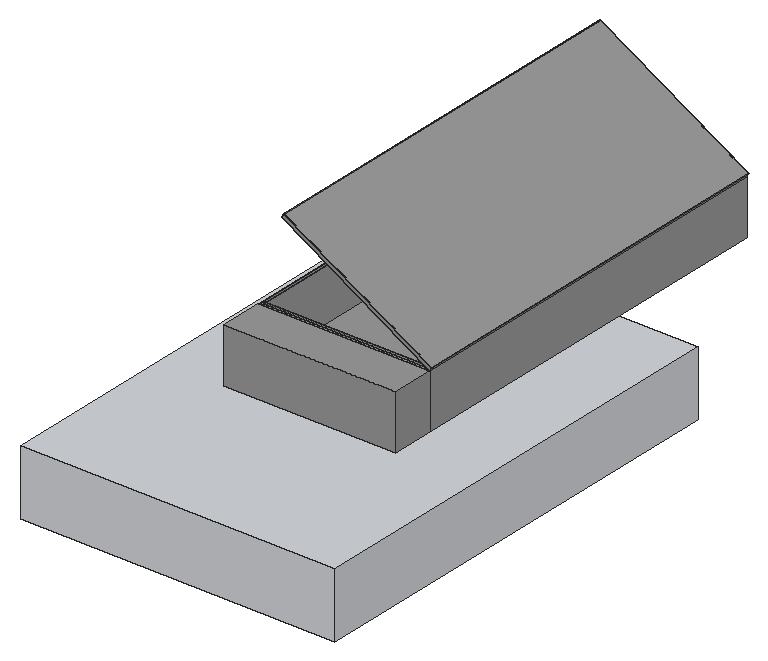
Revit family "Hager-Univers-IP55-D275-H2050-Cl.II-Steel_encl-PL-en", category Equipement électrique, Revit 2020
Family settings
  Hôte = Face
  Configuration du panneau = Deux colonnes, circuits au sein
  Cote de connecteur circulaire = Utiliser le diamètre
  Type d'élément = Tableau de raccordement
  Couper avec des vides une fois chargée = Non
  Partagée = Non
  Point de calcul de pièce = Non
Parameters (values of type "Floor installation IP55 W800 H2050 D275  - FR23S2")
  Width Control [instance] = if([EF000008 - Width] > Min Width, [EF000008 - Width], Min Width)  # 800 mm
  Commentaires du type = [HG000003 - Range]  # "Univers"
  Thickness Door [instance] = if([EF009171 - Material plate thickness door/cover] > 3 mm, 3 mm, [EF009171 - Material plate thickness door/cover])  # 1.5 mm
  Seal Frame Offset [instance] = 17 mm  # constant formula
  Plinth Visibility [instance] = [HG000027 - Plinth height] > 0 mm  # yes
  Model = ""
  Min Width [instance] = 100 mm  # constant formula
  Min Height [instance] = 100 mm  # constant formula
  Min Depth [instance] = (2 * [EF009170 - Material plate thickness cabinet]) + 1 mm  # 4 mm
  Internal Frame Depth [instance] = (Door System Depth * 0.5)  # 9 mm
  Height Control [instance] = if([EF000040 - Height] > Min Height, [EF000040 - Height], Min Height)  # 2050 mm
  HG000027 - Plinth height = 200 mm
  HG000026 - Floor standing = yes
  HG000024 - Bottom section height = 800 mm
  HG000023 - Double section enclosure = no
  HG000016 - Door 3d visibility [instance] = yes
  HG000015 - Clearance visibility [instance] = no
  HG000014 - Door on the right [instance] = yes
  HG000013 - Door on the left [instance] = not([HG000014 - Door on the right])  # no
  HG000012 - Door swing angle [instance] = 30.00°
  HG000010 - Asymmetric doors = no
  HG000009 - Double swing door = no
  HG000006 - Flush mounted = no
  HG000004 - Manufacturer reference = "FR23S2"
  HG000003 - Range = "Univers"
  HG000002 - With door or cover = yes
  Frame Offset Bottom [instance] = 10 mm  # constant formula
  Frame Offset [instance] = 15 mm  # constant formula
  EF015940 - Cover with overpressure release = no
  EF011959 - Degree of protection (NEMA) = ""
  EF009554 - Number of openings for flange plates = 6
  EF009212 - Cover model = "EV000116 - Closed"
  EF009171 - Material plate thickness door/cover = 1.5 mm
  EF009170 - Material plate thickness cabinet = 1.5 mm
  Fabricant = "Hager"  # constant formula
  EF008873 - Nominal current (In) = 800 A
  EF007800 - Suitable for lightning protection = no
  EF006306 - With lock = no
  EF006244 - Transparent cover/door = no
  EF005474 - Degree of protection (IP) = "EV006420 - IP55"
  EF004464 - Type of door = "EV002646 - Single"
  EF004427 - Number of modules = 432
  EF004293 - Impact strength = "EV008784 - IK10"
  EF003532 - Suitable for outdoor use = no
  EF002950 - Width in number of modular spacings = 24
  EF001613 - Circuit integrity = "EV000494 - None"
  EF001596 - Material housing = "EV000179 - Steel"
  EF001131 - Internal depth = 275 mm
  EF001088 - Extension possible = yes
  EF000437 - Number of conduit inlets = 6
  EF000339 - Type of cover = "EV004216 - Door"
  EF000266 - Number of rows = 12
  EF000218 - Built-in depth = 0 mm
  EF000118 - With mounting plate = no
  EF000116 - RAL-number = "7035"
  EF000049 - Depth = 275 mm
  EF000040 - Height = 2050 mm
  EF000008 - Width = 800 mm
  EF000007 - Colour = "EV000270 - Grey"
  EF000003 - Mounting method = "EV012274 - Floor installation"
  Door System Leaf Tolerance [instance] = 1.5 mm  # constant formula
  Door System Depth [instance] = 18 mm  # constant formula
  Door Height [instance] = Height Control - [HG000027 - Plinth height]  # 1850 mm
  Depth Control [instance] = if([EF000049 - Depth] > Min Depth, [EF000049 - Depth], Min Depth)  # 275 mm
  Default Elevation = 0 mm
  Connector Offset [instance] = Height Control / 2  # 1025 mm
  Bottom Top Plate Trim [instance] = 1.5 mm  # constant formula
  Plinth height Ctrl [instance] = if([HG000027 - Plinth height] > 0 mm, [HG000027 - Plinth height], 12 mm)  # 200 mm
Types (11, lengths in mm): name | Width Control | HG000010 - Asymmetric doors | HG000009 - Double swing door | HG000004 - Manufacturer reference | EF009554 - Number of openings for flange plates | EF006244 - Transparent cover/door | EF004464 - Type of door | EF004427 - Number of modules | EF000437 - Number of conduit inlets | EF000008 - Width
  Floor installation IP55 W1050 H2050 D275  - FR24L2 | 1050 | yes | yes | "FR24L2" | 8 | yes | "EV003602 - Double" | 576 | 8 | 1050
  Floor installation IP55 W1050 H2050 D275  - FR24S2 | 1050 | yes | yes | "FR24S2" | 8 | no | "EV003602 - Double" | 576 | 8 | 1050
  Floor installation IP55 W1300 H2050 D275  - FR25L2 | 1300 | yes | yes | "FR25L2" | 10 | yes | "EV003602 - Double" | 720 | 10 | 1300
  Floor installation IP55 W1300 H2050 D275  - FR25S2 | 1300 | yes | yes | "FR25S2" | 10 | no | "EV003602 - Double" | 720 | 10 | 1300
  Floor installation IP55 W1550 H2050 D275  - FR26L2 | 1550 | yes | yes | "FR26L2" | 12 | yes | "EV003602 - Double" | 864 | 12 | 1550
  Floor installation IP55 W1550 H2050 D275  - FR26S2 | 1550 | yes | yes | "FR26S2" | 12 | no | "EV003602 - Double" | 864 | 12 | 1550
  Floor installation IP55 W300 H2050 D275  - FR21S2 | 300 | no | no | "FR21S2" | 2 | no | "EV002646 - Single" | 144 | 2 | 300
  Floor installation IP55 W550 H2050 D275  - FR22L2 | 550 | no | no | "FR22L2" | 4 | yes | "EV002646 - Single" | 288 | 4 | 550
  Floor installation IP55 W550 H2050 D275  - FR22S2 | 550 | no | no | "FR22S2" | 4 | no | "EV002646 - Single" | 288 | 4 | 550
  Floor installation IP55 W800 H2050 D275  - FR23L2 | 800 | no | no | "FR23L2" | 6 | yes | "EV002646 - Single" | 432 | 6 | 800
  Floor installation IP55 W800 H2050 D275  - FR23S2 | 800 | no | no | "FR23S2" | 6 | no | "EV002646 - Single" | 432 | 6 | 800
Reference planes
  plane 1 "Center (Front/Back)": y = 0
  plane 2: z = 0
  plane 3 "Center (Left/Right)": x = 0
  plane 4: z = 275
  plane 5: y = 201.5
  plane 6: y = 1125
  plane 7: y = 200
  plane 8: y = 2050
  plane 9: z = 0
  plane 10: x = -385
  plane 11: x = 385
  plane 12: x = 383.5
  plane 13: x = -383.5
  plane 14: y = 2048.5
  plane 15: x = -383
  plane 16: x = -400
  plane 17: x = 383
  plane 18: x = 400
  plane 19: x = 398.5
  plane 20: x = -398.5
  plane 21: y = 211.5
  plane 22: y = 2050
  plane 23: y = 2033.5
  plane 24: z = 257
  plane 25: z = 1.5
  plane 26: z = 255.5
  plane 27: z = 273.5
Forms (mm)
  Extrusion 1, solid
    sketch origin (0, 0, 0) x (1, 0, 0) y (0, 1, 0)
      loop
        line (-702.964, 1305) -> (-702.964, -811.445) -> (766.763, -811.445) -> (766.763, 1305) -> (-702.964, 1305)
    from 0 to -304.8
  Extrusion 2, solid, material "Hager_Steel_RAL7035_Light_Grey", visible <- "Plinth Visibility", detail levels medium+fine
    sketch origin (0, 0, 0) x (1, 0, 0) y (0, 1, 0)
      loop
        line (-400, 0) -> (400, 0) -> (400, 200) -> (-400, 200) -> (-400, 0)
    from 0 to 257
  Extrusion 3, solid, material "Hager_Steel_RAL7035_Light_Grey", detail levels medium+fine
    sketch origin (0, 0, 0) x (1, 0, 0) y (0, 1, 0)
      loop
        line (-400, 200) -> (400, 200) -> (400, 2050) -> (-400, 2050) -> (-400, 200)
    from 0 to 257
  Extrusion 4, void
    sketch origin (0, 0, 0) x (1, 0, 0) y (0, 1, 0)
      loop
        line (-398.5, 201.5) -> (398.5, 201.5) -> (398.5, 2048.5) -> (-398.5, 2048.5) -> (-398.5, 201.5)
    from 1.5 to 255.5
  Extrusion 5, void
    sketch origin (-381.607, -4572, 257) x (0, -1, 0) y (-1, 0, 0)
      loop
        line (-4783.5, 1.893) -> (-6605.5, 1.893) -> (-6605.5, -765.107) -> (-4783.5, -765.107) -> (-4783.5, 1.893)
    from 0 to 1.5 <- "EF009170 - Material plate thickness cabinet"
  Extrusion 6, solid, material "Hager_Steel_RAL7035_Light_Grey", detail levels fine
    sketch origin (0, 0, 257) x (1, 0, 0) y (0, 1, 0)
      loop
        line (-383.5, 2033.5) -> (-383.5, 211.5) -> (383.5, 211.5) -> (383.5, 2033.5) -> (-383.5, 2033.5)
      loop
        line (-385, 210) -> (385, 210) -> (385, 2035) -> (-385, 2035) -> (-385, 210)
    from 0 to 9 <- "Internal Frame Depth"
  Extrusion 7, solid, material "Hager_Steel_RAL7035_Light_Grey", detail levels coarse
    sketch origin (0, 0, 0) x (1, 0, 0) y (0, 1, 0)
      loop
        line (-400, 0) -> (400, 0) -> (400, 2050) -> (-400, 2050) -> (-400, 0)
    from 0 to 275
  Sweep 8, void
    path in 3D
      loop
        line (-400, 200, 0) -> (400, 200, 0) -> (400, 200, 257) -> (-400, 200, 257) -> (-400, 200, 0)
    profile origin (-400, 200, 128.5) x (-1, 0, 0) y (0, -1, 0)
      loop
        line (0, 0) -> (0, 1.5) -> (-1.5, 1.5)
        arc (-1.5, 1.5) -> (-1.061, 0.439) -> (0, 0) r 1.5
Cuts and joins
  Extrusion 4, Extrusion 5 cuts Extrusion 3
  Sweep 8 cuts Extrusion 2
Lines and regions (mm)
  Masking region 1
    outline origin (0, 0, 0) x (1, 0, 0) y (0, 0, 1)
      loop
        line (-400, 275) -> (-400, 0) -> (400, 0) -> (400, 275) -> (-400, 275)
  Masking region 2, detail levels medium+fine
    outline origin (0, 140, 0) x (0, 1, 0) y (0, 0, 1)
      loop
        line (60, 0) -> (1910, 0) -> (1910, 257) -> (60, 257) -> (60, 0)
  Masking region 3, not visible, detail levels medium+fine
    outline origin (0, 297.922, 0) x (0, 1, 0) y (0, 0, 1)
      loop
        line (838.578, 0) -> (878.578, 0) -> (878.578, 263.5)
        arc (878.578, 263.5) -> (875.649, 270.571) -> (868.578, 273.5) r 10
        line (868.578, 273.5) -> (838.578, 273.5) -> (838.578, 0)
  Masking region 4, detail levels coarse
    outline origin (0, 0, 180) x (0, 1, 0) y (0, 0, 1)
      loop
        line (0, -180) -> (2050, -180) -> (2050, 95) -> (0, 95) -> (0, -180)
  Masking region 5, visible <- "Plinth Visibility", detail levels medium+fine
    outline origin (0, 52.24, 12.345) x (0, 0, -1) y (0, 1, 0)
      loop
        line (10.845, 147.76) -> (-243.155, 147.76)
        arc (-243.155, 147.76) -> (-243.594, 146.699) -> (-244.655, 146.26) r 1.5
        line (-244.655, 146.26) -> (-244.655, -52.24) -> (12.345, -52.24) -> (12.345, 146.26)
        arc (12.345, 146.26) -> (11.285, 146.699) -> (10.845, 147.76) r 1.5
  Masking region 6, detail levels medium+fine
    outline origin (-381.607, -4572, 257) x (-1, 0, 0) y (0, -1, 0)
      loop
        line (18.393, -6622) -> (18.393, -4772) -> (-781.607, -4772) -> (-781.607, -6622) -> (18.393, -6622)
  Masking region 7, visible <- "Plinth Visibility", detail levels medium+fine
    outline origin (-381.607, -4727, 257) x (-1, 0, 0) y (0, -1, 0)
      loop
        arc (16.893, -4927) -> (17.332, -4925.939) -> (18.393, -4925.5) r 1.5
        line (18.393, -4925.5) -> (18.393, -4727) -> (-781.607, -4727) -> (-781.607, -4925.5)
        arc (-781.607, -4925.5) -> (-780.546, -4925.939) -> (-780.107, -4927) r 1.5
        line (-780.107, -4927) -> (16.893, -4927)
  Masking region 8, detail levels coarse
    outline origin (-442.548, -4669.526, 257) x (-1, 0, 0) y (0, -1, 0)
      loop
        line (-42.548, -6719.526) -> (-42.548, -4669.526) -> (-842.548, -4669.526) -> (-842.548, -6719.526) -> (-42.548, -6719.526)
  sketch lines
    curve 1: line (-400, 200, 257) -> (-400, 200, 0)
    curve 2: line (400, 200, 257) -> (-400, 200, 257)
    curve 3: line (400, 200, 257) -> (400, 200, 0)
    curve 4: line (-400, 200, 0) -> (400, 200, 0)
Dimensions and locks
  "Depth Control": plane 4 to Extrusion 1
  "HG000027 - Plinth height": plane 1 "Center (Front/Back)" to plane 7
  "EF009170 - Material plate thickness cabinet": plane 5 to plane 7
  locked: connector elem to plane 3 "Center (Left/Right)"
  equal spacing: plane 8, plane 6, plane 7
  locked: connector elem to plane 6
  "EF009170 - Material plate thickness cabinet": plane 8 to plane 14
  "EF009170 - Material plate thickness cabinet": plane 10 to plane 13
  "EF009170 - Material plate thickness cabinet": plane 12 to plane 11
  "Frame Offset": plane 20 to plane 13
  "Frame Offset": plane 12 to plane 19
  "EF009170 - Material plate thickness cabinet": plane 16 to plane 20
  "EF009170 - Material plate thickness cabinet": plane 19 to plane 18
  "Seal Frame Offset": plane 16 to plane 15
  "Seal Frame Offset": plane 17 to plane 18
  "Frame Offset Bottom": plane 21 to plane 5
  "Frame Offset": plane 14 to plane 23
  equal spacing: plane 16, plane 3 "Center (Left/Right)", plane 18
  "Width Control": plane 16 to plane 18
  "EF009170 - Material plate thickness cabinet": plane 4 to plane 27
  "EF009170 - Material plate thickness cabinet": plane 24 to plane 26
  "EF009170 - Material plate thickness cabinet": plane 25 to level
  "Door System Depth": plane 4 to plane 24
  "Height Control": plane 1 "Center (Front/Back)" to Extrusion 7 sketch curve
  "Height Control": Masking region 4 sketch curve to plane 1 "Center (Front/Back)"
  "Height Control": plane 1 "Center (Front/Back)" to plane 22
  "Bottom Top Plate Trim": profile plane to Sweep 8 sketch curve
  "Bottom Top Plate Trim": Sweep 8 sketch curve to profile plane
  "Plinth height Ctrl": plane 1 "Center (Front/Back)" to Extrusion 2 sketch curve
  "Plinth height Ctrl": Masking region 5 sketch curve to plane 1 "Center (Front/Back)"
  "Plinth height Ctrl": plane 1 "Center (Front/Back)" to Masking region 7 sketch curve
  "Thickness Door": Extrusion 6 sketch curve to Extrusion 6 sketch curve  (x3)
  "Thickness Door": cut or joined group of Extrusion 3, Extrusion 4, Extrusion 5 to Extrusion 6 sketch curve
  radius of Masking region 3 sketch curve = 10 mm
  "Bottom Top Plate Trim": radius of Masking region 5 sketch curve  (x2)
  "Bottom Top Plate Trim": radius of Sweep 8 sketch curve
  "Bottom Top Plate Trim": radius of Masking region 7 sketch curve  (x2)
  aligned and locked: plane 2 to Extrusion 1
  aligned and locked: level to Extrusion 1
  aligned and locked: level to Masking region 1 sketch curve
  aligned and locked: Masking region 1 sketch curve to plane 18
  aligned and locked: Masking region 1 sketch curve to plane 16
  aligned and locked: plane 7 to Masking region 2 sketch curve
  aligned and locked: level to Masking region 3 sketch curve
  aligned and locked: Masking region 3 sketch curve to plane 27
  aligned and locked: level to Masking region 2 sketch curve
  aligned and locked: plane 1 "Center (Front/Back)" to Extrusion 2 sketch curve
  aligned and locked: Extrusion 3 sketch curve to plane 7
  aligned and locked: plane 16 to Extrusion 3 sketch curve
  aligned and locked: plane 18 to Extrusion 3 sketch curve
  aligned and locked: plane 20 to Extrusion 4 sketch curve
  aligned and locked: plane 19 to Extrusion 4 sketch curve
  aligned and locked: Extrusion 4 sketch curve to plane 5
  aligned and locked: Extrusion 4 to plane 25
  aligned and locked: plane 26 to Extrusion 4
  aligned and locked: plane 24 to Extrusion 3
  aligned and locked: Extrusion 5 sketch curve to plane 21
  aligned and locked: Extrusion 5 sketch curve to plane 13
  aligned and locked: Extrusion 5 sketch curve to plane 12
  aligned and locked: plane 18 to Extrusion 7 sketch curve
  aligned and locked: plane 1 "Center (Front/Back)" to Extrusion 7 sketch curve
  aligned and locked: plane 16 to Extrusion 7 sketch curve
  aligned and locked: plane 4 to Extrusion 7
  aligned and locked: Extrusion 7 to level
  aligned and locked: level to Masking region 4 sketch curve
  aligned and locked: Masking region 4 sketch curve to plane 1 "Center (Front/Back)"
  aligned and locked: Masking region 4 sketch curve to plane 4
  aligned and locked: nested 1 to level
  aligned and locked: nested 1 to plane 16
  aligned and locked: plane 8 to Extrusion 3 sketch curve
  aligned and locked: plane 23 to Extrusion 5 sketch curve
  aligned and locked: plane 14 to Extrusion 4 sketch curve
  aligned and locked: Masking region 2 sketch curve to plane 8
  aligned and locked: level to Masking region 5 sketch curve
  aligned and locked: plane 16 to Extrusion 2 sketch curve
  aligned and locked: plane 18 to Extrusion 2 sketch curve
  aligned and locked: Masking region 5 sketch curve to plane 24
  aligned and locked: Masking region 2 sketch curve to plane 24
  aligned and locked: plane 24 to Extrusion 2
  aligned and locked: profile plane to Sweep 8 sketch curve  (x2)
  aligned and locked: Masking region 6 sketch curve to plane 18
  aligned and locked: Masking region 6 sketch curve to plane 22
  aligned and locked: Masking region 6 sketch curve to plane 16
  aligned and locked: plane 8 to plane 22
  aligned and locked: Masking region 6 sketch curve to plane 7
  aligned and locked: Masking region 7 sketch curve to plane 16
  aligned and locked: Masking region 7 sketch curve to plane 1 "Center (Front/Back)"
  aligned and locked: Masking region 7 sketch curve to plane 18
  aligned and locked: Masking region 8 sketch curve to plane 1 "Center (Front/Back)"
  aligned and locked: Masking region 8 sketch curve to plane 18
  aligned and locked: Masking region 8 sketch curve to plane 22
  aligned and locked: Masking region 8 sketch curve to plane 16
  aligned and locked: nested 2 to plane 7
  aligned and locked: plane 3 "Center (Left/Right)" to nested 2
  aligned and locked: nested 2 to plane 24
  aligned and locked: Extrusion 6 sketch curve to cut or joined group of Extrusion 3, Extrusion 4, Extrusion 5  (x4)
Automatic sketch dimensions
  Extrusion 1 sketch curve to Extrusion 1 sketch curve = 1469.727 mm
  Extrusion 1 sketch curve to Extrusion 1 sketch curve = 2116.445 mm
  Masking region 1 sketch curve to plane 4 = 0 mm
  plane 6 to Masking region 3 sketch curve = 11.5 mm
  Masking region 3 sketch curve to Masking region 3 sketch curve = 30 mm
  Masking region 5 sketch curve to plane 1 "Center (Front/Back)" = 0 mm
Nested families
  nested 1: "Hager_Enclosure_Symbol" at (-400, 0, 0) x (1, 0, 0) z (0, -1, 0), Height <- "Depth Control", Width <- "Width Control", type "Hager_Enclosure_Symbol"
    with Width_Ctrl 800 mm, Width 800 mm, Height_Ctrl 275 mm, Height 275 mm, A_Width_Int 18.047 mm, A_Width 216.562 mm, A_Height_Ctrl 240.625 mm, A_Height 240.625 mm
  nested 2: "EC000058_Univers_Door" at (0, 200, 257) x (1, 0, 0) z (0, 1, 0), Leaf_Tolerance <- "Door System Leaf Tolerance", Angle <- "HG000012 - Door swing angle", Door_Depth <- "Door System Depth", Door_Left <- "HG000013 - Door on the left", Transparent <- "EF006244 - Transparent cover/door", Assymetrical <- "HG000010 - Asymmetric doors", Width <- "Width Control", Clearance <- "HG000015 - Clearance visibility", Double <- "HG000009 - Double swing door", 3d_Door <- "HG000016 - Door 3d visibility", Lock_Visibility <- "EF006306 - With lock", Width_Ctrl <- "Width Control", Door_Right <- "HG000014 - Door on the right", Door <- "HG000002 - With door or cover", Height <- "Door Height", Thickness <- "Thickness Door", type "EC000058_Univers_Door", detail levels medium+fine
    with min_wh 4 mm, Width_Ctrl 800 mm, Width 800 mm, Transparent no, Thickness 1.5 mm, Seal_Material Hager_Rubber, Lock_Visibility no, Lock_Material Hager_Plastic_RAL9005_Jet_Black, Leaf_Width 800 mm, Leaf_Tolerance_External_Sides 0 mm, Leaf_Tolerance 1.5 mm, Leaf_Offset 0 mm, Leaf_Height 1847 mm, Leaf_2_Width 800 mm, Leaf_2_Offset 400 mm, Leaf_1_Width 800 mm, Leaf_1_Offset 400 mm, Height_Ctrl 1850 mm, Height 1850 mm, Glass_Material Hager_Glass, Double_Clearance_Ctrl no, Double no, Door_Right_Ctrl yes, Door_Right yes, Door_Material Hager_Steel_RAL7035_Light_Grey, Door_Left_Ctrl no, Door_Left no, Door_Depth 18 mm, Door yes, Clearance_Material Hager_Clearance, Clearance_Depth 800 mm, Clearance_Ctrl no, Clearance no, Assymetrical no, Angle 30.00°, 3d_Door yes
Connectors
  electrical at (0, 1125, 0)
    settings: on plane 9, index 1, voltage 0 V, apparent load 0 VA, apparent load phase1 0 VA, apparent load phase2 0 VA, apparent load phase3 0 VA, power factor 1, load classification "Other", number of poles 1, system type 30, power factor state 1, is connector primary yes, connector utility no, sub classification motor no, connector description ""
Definition of nested family "EC000058_Univers_Door"
  Parameters (values of type "EC000058_Univers_Door")
    min_wh [instance] = (2 * Thickness) + 1 mm  # 11 mm
    Width_Ctrl [instance] = 400 mm
    Width [instance] = 500 mm
    Transparent [instance] = yes
    Thickness [instance] = 5 mm
    Seal_Material [instance] = none
    Lock_Visibility [instance] = yes
    Lock_Material [instance] = none
    Leaf_Width [instance] = if((Width_Ctrl - 2 * Leaf_Tolerance_External_Sides) > 0 mm, (Width_Ctrl - 2 * Leaf_Tolerance_External_Sides), min_wh)  # 400 mm
    Leaf_Tolerance_External_Sides [instance] = 0 mm  # constant formula
    Leaf_Tolerance [instance] = 1.5 mm
    Leaf_Offset [instance] = 0 mm  # constant formula
    Leaf_Height [instance] = if((Height_Ctrl - 2 * Leaf_Tolerance) > 0 mm, (Height_Ctrl - 2 * Leaf_Tolerance), min_wh)  # 497 mm
    Leaf_2_Width [instance] = if(and(and(Double, Assymetrical), Door_Left), (Leaf_Width / 3) - (Leaf_Tolerance / 2), if(and(and(Double, Assymetrical), Door_Right), (Leaf_Width / 3) * 2 - (Leaf_Tolerance / 2), if(and(Double, not(Assymetrical)), (Leaf_Width / 2) - Leaf_Tolerance, Leaf_Width)))  # 400 mm
    Leaf_2_Offset [instance] = if(and(Double, Assymetrical), Leaf_2_Width / 2, if(and(Double, not(Assymetrical)), Leaf_Width / 4, Leaf_Width / 2))  # 200 mm
    Leaf_1_Width [instance] = if(and(and(Double, Assymetrical), Door_Right), (Leaf_Width / 3) - (Leaf_Tolerance / 2), if(and(and(Double, Assymetrical), Door_Left), (Width / 3) * 2 - (Leaf_Tolerance / 2), if(and(Double, not(Assymetrical)), (Leaf_Width / 2) - Leaf_Tolerance, Leaf_Width)))  # 400 mm
    Leaf_1_Offset [instance] = if(and(Double, Assymetrical), Leaf_1_Width / 2, if(and(Double, not(Assymetrical)), Leaf_Width / 4, Leaf_Width / 2))  # 200 mm
    Height_Ctrl [instance] = if(Height > min_wh, Height, min_wh)  # 500 mm
    Height [instance] = 500 mm
    Glass_Material [instance] = none
    Double_Clearance_Ctrl [instance] = and(Double, Clearance)  # no
    Double [instance] = no
    Door_Right_Ctrl [instance] = and(or(Door_Right, Double), Door)  # yes
    Door_Right [instance] = yes
    Door_Material [instance] = none
    Door_Left_Ctrl [instance] = and(or(Door_Left, Double), Door)  # no
    Door_Left [instance] = no
    Door_Depth [instance] = 30 mm
    Door [instance] = yes
    Default Elevation = 1219.2 mm
    Clearance_Material [instance] = none
    Clearance_Depth [instance] = if(Leaf_1_Width > Leaf_2_Width, Leaf_1_Width, Leaf_2_Width)  # 400 mm
    Clearance_Ctrl [instance] = and(not(Double), Clearance)  # yes
    Clearance [instance] = yes
    Assymetrical [instance] = yes
    Angle [instance] = 30.00°
    3d_Door [instance] = yes
  Reference planes
    plane 1 "Center (Front/Back)": y = 0
    plane 2 "Bottom": z = 0
    plane 3 "Center (Left/Right)": x = 0
    plane 4: z = 500
    plane 5: x = -200
    plane 6: x = 200
    plane 7: z = 500
    plane 8: x = -200
    plane 9: z = 0
    plane 10: x = 200
    plane 11: y = 0
    plane 12: z = 1.5
    plane 13: x = -600
    plane 14: y = -400
    plane 15: x = 600
    plane 16: x = 0
    plane 17: x = 0
    plane 18: x = -200
    plane 19: x = 200
    plane 20: z = 498.5
  Forms (mm)
    Extrusion 1, solid, material <- "Clearance_Material", visible <- "Double_Clearance_Ctrl"
      sketch origin (1200, 0, 0) x (1, 0, 0) y (0, 0, -1)
        loop
          line (-1800, -498.5) -> (-600, -498.5) -> (-600, 0) -> (-1800, 0) -> (-1800, -498.5)
      from 0 to -400
  Dimensions and locks
    equal spacing: plane 5, plane 3 "Center (Left/Right)", plane 6
    "Width_Ctrl": plane 5 to plane 6
    "Leaf_Offset": plane 5 to plane 8
    "Leaf_Offset": plane 6 to plane 10
    "Leaf_Offset": plane 9 to level
    "Leaf_Offset": plane 4 to plane 7
    "Height_Ctrl": plane 4 to level
    "Leaf_Tolerance": plane 12 to plane 9
    locked: plane 11 to plane 1 "Center (Front/Back)"
    "Leaf_1_Offset": plane 18 to plane 16
    "Leaf_2_Offset": plane 17 to plane 19
    "Leaf_1_Width": plane 13 to plane 8
    "Leaf_2_Width": plane 10 to plane 15
    "Clearance_Depth": plane 14 to plane 1 "Center (Front/Back)"
    "Leaf_Tolerance_External_Sides": plane 8 to plane 18
    "Leaf_Tolerance_External_Sides": plane 19 to plane 10
    "Leaf_Tolerance": plane 7 to plane 20
    aligned and locked: level to plane 2 "Bottom"
    aligned and locked: nested 1 to plane 16
    aligned and locked: nested 2 to plane 17
    aligned and locked: Extrusion 1 to plane 13
    aligned and locked: plane 15 to Extrusion 1
    aligned and locked: Extrusion 1 to plane 14
    aligned and locked: plane 12 to nested 1
    aligned and locked: nested 2 to plane 12
    aligned and locked: Extrusion 1 to plane 11
    aligned and locked: plane 20 to Extrusion 1
    aligned and locked: nested 2 to plane 11
    aligned and locked: nested 1 to plane 11
  Automatic sketch dimensions
    Extrusion 1 sketch curve to level = 0 mm
    plane 5 to Extrusion 1 sketch curve = 400 mm
    plane 6 to Extrusion 1 sketch curve = 400 mm
    Extrusion 1 sketch curve to plane 4 = 1.5 mm
  Nested families
    nested 1: "EC000058_Univers_Door_Leaf" at (0, 0, 1.5), Width <- "Leaf_1_Width", visible <- "Door_Left_Ctrl", Leaf_Height <- "Leaf_Height", Angle <- "Angle", 3d_Door <- "3d_Door", Transparent <- "Transparent", Clearance Material <- "Clearance_Material", Clearance <- "Clearance_Ctrl", Door_Material <- "Door_Material", Glass_Material <- "Glass_Material", Door_Depth <- "Door_Depth", Lock_Material <- "Lock_Material", Seal_Material <- "Seal_Material", Lock_Visibility <- "Lock_Visibility", Thickness <- "Thickness", type "EC000058_Univers_Door_Leaf"
      with Width 400 mm, Transparent_Glass_Offset 30 mm, Transparent_Ctrl yes, Transparent yes, Thickness 5 mm, Standard no, Seal_Material none, Seal_D2 8 mm, Seal_D1 1 mm, Offset_Internal_Frame 10 mm, Lock_Width 20 mm, Lock_Visibility_3d yes, Lock_Visibility yes, Lock_Thickness_3 3 mm, Lock_Thickness_2 1 mm, Lock_Thickness_1 3 mm, Lock_Radius_Offset_2 16 mm, Lock_Radius_Offset_1 15 mm, Lock_Radius_2 5 mm, Lock_Radius 6 mm, Lock_Offset 5 mm, Lock_Material none, Lock_Height 80 mm, Lock_Cover_Top_Offset_2d 17 mm, Lock_Cover_Height -65 mm, Leaf_Height 497 mm, Internal_Seal_Thickness 8 mm, Internal_Seal_Depth_2 4.5 mm, Internal_Frame_Depth 25 mm, Glass_Thickness -1 mm, Glass_Offset -2 mm, Glass_Material none, Door_Material none, Door_Depth 30 mm, Clearance Material none, Clearance yes, Angle_Ctrl 30.00°, Angle 30.00°, 3d_Door yes
    nested 2: "EC000058_Univers_Door_Leaf" at (0, 0, 1.5) x (-1, 0, 0) z (0, 0, 1), Width <- "Leaf_2_Width", visible <- "Door_Right_Ctrl", Leaf_Height <- "Leaf_Height", Angle <- "Angle", 3d_Door <- "3d_Door", Transparent <- "Transparent", Clearance Material <- "Clearance_Material", Clearance <- "Clearance_Ctrl", Door_Material <- "Door_Material", Glass_Material <- "Glass_Material", Door_Depth <- "Door_Depth", Lock_Material <- "Lock_Material", Seal_Material <- "Seal_Material", Lock_Visibility <- "Lock_Visibility", Thickness <- "Thickness", type "EC000058_Univers_Door_Leaf"
      with Width 400 mm, Transparent_Glass_Offset 30 mm, Transparent_Ctrl yes, Transparent yes, Thickness 5 mm, Standard no, Seal_Material none, Seal_D2 8 mm, Seal_D1 1 mm, Offset_Internal_Frame 10 mm, Lock_Width 20 mm, Lock_Visibility_3d yes, Lock_Visibility yes, Lock_Thickness_3 3 mm, Lock_Thickness_2 1 mm, Lock_Thickness_1 3 mm, Lock_Radius_Offset_2 16 mm, Lock_Radius_Offset_1 15 mm, Lock_Radius_2 5 mm, Lock_Radius 6 mm, Lock_Offset 5 mm, Lock_Material none, Lock_Height 80 mm, Lock_Cover_Top_Offset_2d 17 mm, Lock_Cover_Height -65 mm, Leaf_Height 497 mm, Internal_Seal_Thickness 8 mm, Internal_Seal_Depth_2 4.5 mm, Internal_Frame_Depth 25 mm, Glass_Thickness -1 mm, Glass_Offset -2 mm, Glass_Material none, Door_Material none, Door_Depth 30 mm, Clearance Material none, Clearance yes, Angle_Ctrl 30.00°, Angle 30.00°, 3d_Door yes
  Definition of nested family "EC000058_Univers_Door_Leaf"
    Parameters (values of type "EC000058_Univers_Door_Leaf")
      Width [instance] = 2000 mm
      Transparent_Glass_Offset [instance] = 30 mm
      Transparent_Ctrl [instance] = and(Transparent, [3d_Door])  # yes
      Transparent [instance] = yes
      Thickness [instance] = 5 mm
      Standard [instance] = and(not(Transparent), [3d_Door])  # no
      Seal_Material [instance] = none
      Seal_D2 [instance] = 8 mm  # constant formula
      Seal_D1 [instance] = 1 mm  # constant formula
      Offset_Internal_Frame [instance] = 10 mm  # constant formula
      Lock_Width [instance] = 20 mm  # constant formula
      Lock_Visibility_3d [instance] = and(Lock_Visibility, [3d_Door])  # yes
      Lock_Visibility [instance] = yes
      Lock_Thickness_3 [instance] = 3 mm  # constant formula
      Lock_Thickness_2 [instance] = 1 mm  # constant formula
      Lock_Thickness_1 [instance] = 3 mm  # constant formula
      Lock_Radius_Offset_2 [instance] = Lock_Radius_Offset_1 + 1 mm  # 16 mm
      Lock_Radius_Offset_1 [instance] = 15 mm  # constant formula
      Lock_Radius_2 [instance] = Lock_Radius - 1 mm  # 5 mm
      Lock_Radius [instance] = 6 mm  # constant formula
      Lock_Offset [instance] = 5 mm  # constant formula
      Lock_Material [instance] = none
      Lock_Height [instance] = 80 mm  # constant formula
      Lock_Cover_Top_Offset_2d [instance] = Lock_Radius_Offset_2 + 1 mm  # 17 mm
      Lock_Cover_Height [instance] = -(Lock_Height - Lock_Radius_Offset_1)  # -65 mm
      Leaf_Height [instance] = 2720.336 mm
      Internal_Seal_Thickness [instance] = 8 mm  # constant formula
      Internal_Seal_Depth_2 [instance] = 4.5 mm  # constant formula
      Internal_Frame_Depth [instance] = if(Door_Depth - Thickness > 5 mm, Door_Depth - Thickness, 5 mm)  # 25 mm
      Glass_Thickness [instance] = if(Thickness > 15 mm, Glass_Offset + 10 mm, -1 mm)  # -1 mm
      Glass_Offset [instance] = if(Thickness > 15 mm, -(Thickness + 10 mm) / 2, -2 mm)  # -2 mm
      Glass_Material [instance] = none
      Door_Material [instance] = none
      Door_Depth [instance] = 30 mm
      Default Elevation = 0 mm
      Clearance Material [instance] = none
      Clearance [instance] = yes
      Angle_Ctrl [instance] = if(Angle > 180.00°, 180.00°, Angle)  # 90.00°
      Angle [instance] = 90.00°
      3d_Door [instance] = yes
    Reference planes
      plane 1 "Center (Front/Back)": y = 0
      plane 2: z = 0
      plane 3 "Center (Left/Right)": x = 0
      plane 4: y = 2000
      plane 5: x = -1000
      plane 6: x = 1000
      plane 7: x = -3000
      plane 8: z = 2720.336
      plane 9: z = 30
      plane 10: z = 2690.336
      plane 11: x = 970
      plane 12: x = -970
      plane 13: y = -3
      plane 14: z = 107.833
      plane 15: y = -5
      plane 16: y = -223.314
      plane 17: x = -1000
      plane 18: z = 1360.168
      plane 19: y = 30
    Forms (mm)
      Extrusion 1, solid, material <- "Clearance Material", visible <- "Clearance"
        sketch origin (0, 0, 0) x (1, 0, 0) y (0, 0, 1)
          loop
            line (-3000, 2720.336) -> (-3000, 0) -> (1000, 0) -> (1000, 2720.336) -> (-3000, 2720.336)
        from 0 to -2000
      Extrusion 2, solid, material <- "Door_Material", visible <- "Standard", detail levels medium+fine
        sketch origin (-1000, 0, 0) x (0, 1, 0) y (-1, 0, 0)
          loop
            line (0, 30) -> (0, 25) -> (2000, 25) -> (2000, 30) -> (0, 30)
        from 0 to 2720.336 <- "Leaf_Height"
      Extrusion 3, solid, material <- "Door_Material", visible <- "Transparent_Ctrl", detail levels medium+fine
        sketch origin (-1000, 0, 0) x (0, 1, 0) y (-1, 0, 0)
          loop
            line (0, 25) -> (2000, 25) -> (2000, 30) -> (0, 30) -> (0, 25)
        from 0 to 2720.336 <- "Leaf_Height"
      Extrusion 4, void
        sketch origin (-1025, 2000, 0) x (0, 1, 0) y (0, 0, -1)
          loop
            line (-30, -2690.336) -> (-30, -30) -> (-1970, -30) -> (-1970, -2690.336) -> (-30, -2690.336)
        from 0 to 5 <- "Thickness"
      Sweep 5, solid, material <- "Seal_Material", visible <- "Transparent_Ctrl", detail levels fine
        path in 3D
          loop
            line (-1025, 30, 30) -> (-1025, 30, 2690.336) -> (-1025, 1970, 2690.336) -> (-1025, 1970, 30) -> (-1025, 30, 30)
        profile origin (-1025, 1000, 30) x (1, 0, 0) y (0, 0, 1)
          loop
            line (0, 0) -> (0, -8) -> (1, -8) -> (1, 0) -> (0, 0)
      Extrusion 6, solid, material <- "Glass_Material", visible <- "Transparent_Ctrl", detail levels medium+fine
        sketch origin (-1030, 0, 0) x (0, 1, 0) y (0, 0, -1)
          loop
            line (1970, -2690.336) -> (1970, -30) -> (30, -30) -> (30, -2690.336) -> (1970, -2690.336)
        from -2 <- "Glass_Offset" to -1 <- "Glass_Thickness"
      Extrusion 7, solid, material <- "Door_Material", visible <- "3d_Door", detail levels medium+fine
        sketch origin (-1025, 2000, 0) x (0, -1, 0) y (0, 0, -1)
          loop
            line (0, -2720.336) -> (2000, -2720.336) -> (2000, 0) -> (0, 0) -> (0, -2720.336)
          loop
            line (1995, -5) -> (5, -5) -> (5, -2715.336) -> (1995, -2715.336) -> (1995, -5)
        from 0 to 25 <- "Internal_Frame_Depth"
      Sweep 8, solid, material <- "Seal_Material", visible <- "Transparent_Ctrl", detail levels fine
        path in 3D
          loop
            line (-1025, 0, 0) -> (-1025, 2000, 0) -> (-1025, 2000, 2720.336) -> (-1025, 0, 2720.336) -> (-1025, 0, 0)
        profile origin (-1025, 0, 1360.168) x (1, 0, 0) y (0, 1, 0)
          loop
            line (0, 10) -> (2.975, 10)
            arc (2.975, 10) -> (4.053, 10.447) -> (4.5, 11.525) r 1.525
            line (4.5, 11.525) -> (4.5, 16.527)
            arc (4.5, 16.527) -> (4.069, 17.569) -> (3.027, 18) r 1.473
            line (3.027, 18) -> (0, 18) -> (0, 10)
      Extrusion 9, solid, material <- "Lock_Material", visible <- "Lock_Visibility_3d", detail levels fine
        sketch origin (-1030, 0, 0) x (0, 1, 0) y (0, 0, -1)
          loop
            arc (1993.5, -1400.168) -> (1994.561, -1399.729) -> (1995, -1398.668) r 1.5
            line (1995, -1398.668) -> (1995, -1320.168) -> (1975, -1320.168) -> (1975, -1398.668)
            arc (1975, -1398.668) -> (1975.439, -1399.729) -> (1976.5, -1400.168) r 1.5
            line (1976.5, -1400.168) -> (1993.5, -1400.168)
        from 3 <- "Lock_Thickness_1" to 0
      Blend 10, solid, material <- "Lock_Material", visible <- "Lock_Visibility_3d", detail levels fine
        base sketch origin (-1033, 0, 0) x (0, 1, 0) y (0, 0, -1)
          loop
            line (1975, -1320.168) -> (1975, -1398.668)
            arc (1975, -1398.668) -> (1975.439, -1399.729) -> (1976.5, -1400.168) r 1.5
            line (1976.5, -1400.168) -> (1993.5, -1400.168)
            arc (1993.5, -1400.168) -> (1994.561, -1399.729) -> (1995, -1398.668) r 1.5
            line (1995, -1398.668) -> (1995, -1320.168) -> (1975, -1320.168)
        top sketch origin (-1033, 0, 0) x (0, 1, 0) y (0, 0, -1)
          loop
            line (1976, -1320.168) -> (1976, -1398.668)
            arc (1976, -1398.668) -> (1976.146, -1399.022) -> (1976.5, -1399.168) r 0.5
            line (1976.5, -1399.168) -> (1993.5, -1399.168)
            arc (1993.5, -1399.168) -> (1993.854, -1399.022) -> (1994, -1398.668) r 0.5
            line (1994, -1398.668) -> (1994, -1320.168) -> (1976, -1320.168)
        from 0 to 1 <- "Lock_Thickness_2"
      Blend 11, solid, material <- "Lock_Material", visible <- "Lock_Visibility_3d", detail levels fine
        base sketch origin (-1034, 0, 0) x (0, 1, 0) y (0, 0, -1)
          loop
            line (1978, -1320.168) -> (1978, -1384.168)
            arc (1978, -1384.168) -> (1985, -1391.168) -> (1992, -1384.168) r 7
            line (1992, -1384.168) -> (1992, -1320.168) -> (1978, -1320.168)
        top sketch origin (-1034, 0, 0) x (0, 1, 0) y (0, 0, -1)
          loop
            line (1991, -1320.168) -> (1979, -1320.168) -> (1979, -1383.168)
            arc (1979, -1383.168) -> (1985, -1389.168) -> (1991, -1383.168) r 6
            line (1991, -1383.168) -> (1991, -1320.168)
        from 0 to 3 <- "Lock_Thickness_3"
      Extrusion 12, solid, material <- "Lock_Material", visible <- "Lock_Visibility_3d", detail levels fine
        sketch origin (-1030, 1975, 1320.168) x (1, 0, 0) y (0, -1, 0)
          loop
            line (-7, -19) -> (-7, -1) -> (0, -1) -> (0, 0) -> (-8, 0) -> (-8, -20) -> (0, -20) -> (0, -19) -> (-7, -19)
        from 0 to -65 <- "Lock_Cover_Height"
      Extrusion 13, void
        sketch origin (-1038, 1995, 1320.168) x (-1, 0, 0) y (0, 0, -1)
          loop
            line (-5, -65) -> (0, -65) -> (-5, -60) -> (-5, -65)
        from 0 to 20 <- "Lock_Width"
      Extrusion 14, void
        sketch origin (-1038, 1975, 1320.168) x (0, -1, 0) y (0, 0, -1)
          loop
            circle (-10, -15.995) r 6
          loop
            circle (-10, -15.995) r 5
        from 0 to 2
      Extrusion 15, solid, material <- "Lock_Material", visible <- "Lock_Visibility_3d", detail levels medium
        sketch origin (-1030, 0, 0) x (0, 1, 0) y (0, 0, -1)
          loop
            arc (1993.5, -1400.168) -> (1994.561, -1399.729) -> (1995, -1398.668) r 1.5
            line (1995, -1398.668) -> (1995, -1320.168) -> (1975, -1320.168) -> (1975, -1398.668)
            arc (1975, -1398.668) -> (1975.439, -1399.729) -> (1976.5, -1400.168) r 1.5
            line (1976.5, -1400.168) -> (1993.5, -1400.168)
        from 8 to 0
    Cuts and joins
      Extrusion 4 cuts Extrusion 3
      Extrusion 13, Extrusion 14 cuts Extrusion 9
      Extrusion 14 cuts Blend 11
      Extrusion 13, Extrusion 14 cuts Extrusion 12
      joined: Extrusion 9, Blend 10, Blend 11, Extrusion 12
      Extrusion 14 cuts Extrusion 15
    Lines and regions (mm)
      Masking region 1, visible <- "Lock_Visibility", detail levels fine
        outline origin (0, 0, 0) x (0, 1, 0) y (0, 0, 1)
          loop
            line (30, 1320.168) -> (33, 1320.168) -> (33, 1400.168) -> (30, 1400.168) -> (30, 1320.168)
      Masking region 2, visible <- "Lock_Visibility", detail levels fine
        outline origin (0, 3.143, 0) x (0, 1, 0) y (0, 0, 1)
          loop
            line (29.857, 1354.168) -> (30.857, 1354.168) -> (30.857, 1366.168) -> (29.857, 1366.168) -> (29.857, 1354.168)
      Masking region 3, detail levels medium+fine
        outline origin (0, 0, 0) x (0, 1, 0) y (0, 0, 1)
          loop
            line (0, 0) -> (30, 0) -> (30, 2720.336) -> (0, 2720.336) -> (0, 0)
      Masking region 4, detail levels medium+fine
        outline origin (0, 0, 0) x (1, 0, 0) y (0, 0, 1)
          loop
            line (-1000, 2720.336) -> (-1000, 0) -> (1000, 0) -> (1000, 2720.336) -> (-1000, 2720.336)
      Masking region 5, visible <- "Lock_Visibility", detail levels fine
        outline origin (-47.116, 0, 0) x (1, 0, 0) y (0, 0, 1)
          loop
            arc (1024.616, 1399.168) -> (1023.556, 1398.729) -> (1023.116, 1397.668) r 1.5
            line (1023.116, 1397.668) -> (1023.116, 1320.168) -> (1041.116, 1320.168) -> (1041.116, 1397.668)
            arc (1041.116, 1397.668) -> (1040.677, 1398.729) -> (1039.616, 1399.168) r 1.5
            line (1039.616, 1399.168) -> (1024.616, 1399.168)
      Masking region 6, visible <- "Lock_Visibility", detail levels medium+fine
        outline origin (-25, 0, 0) x (1, 0, 0) y (0, 0, 1)
          loop
            arc (1001.5, 1400.168) -> (1000.439, 1399.729) -> (1000, 1398.668) r 1.5
            line (1000, 1398.668) -> (1000, 1320.168) -> (1020, 1320.168) -> (1020, 1398.668)
            arc (1020, 1398.668) -> (1019.561, 1399.729) -> (1018.5, 1400.168) r 1.5
            line (1018.5, 1400.168) -> (1001.5, 1400.168)
      Masking region 7, visible <- "Lock_Visibility", detail levels fine
        outline origin (-73.735, 0, 0) x (1, 0, 0) y (0, 0, 1)
          loop
            line (1051.735, 1382.168) -> (1065.735, 1382.168) -> (1065.735, 1384.168)
            arc (1065.735, 1384.168) -> (1058.735, 1391.168) -> (1051.735, 1384.168) r 7
            line (1051.735, 1384.168) -> (1051.735, 1382.168)
      Masking region 8, visible <- "Lock_Visibility", detail levels fine
        outline origin (-73.735, 0, 0) x (1, 0, 0) y (0, 0, 1)
          loop
            line (1052.735, 1382.168) -> (1064.735, 1382.168) -> (1064.735, 1383.168)
            arc (1064.735, 1383.168) -> (1058.735, 1389.168) -> (1052.735, 1383.168) r 6
            line (1052.735, 1383.168) -> (1052.735, 1382.168)
      Masking region 9, visible <- "Lock_Visibility", detail levels fine
        outline origin (-25, 0, 0) x (1, 0, 0) y (0, 0, 1)
          loop
            line (1020, 1320.168) -> (1020, 1382.168) -> (1000, 1382.168) -> (1000, 1320.168) -> (1020, 1320.168)
      Masking region 10, detail levels medium+fine
        outline origin (0, 0, 0) x (1, 0, 0) y (0, 0, 1)
          loop
            circle (985, 1335.144) r 6
      Masking region 11, detail levels fine
        outline origin (0, 0, 0) x (1, 0, 0) y (0, 0, 1)
          loop
            circle (985, 1335.144) r 5
      Masking region 12, visible <- "Lock_Visibility", detail levels fine
        outline origin (0, 12.767, 0) x (0, 1, 0) y (0, 0, 1)
          loop
            line (20.233, 1320.168) -> (21.233, 1320.168) -> (21.233, 1399.168) -> (20.233, 1400.168) -> (20.233, 1320.168)
      Masking region 13, visible <- "Lock_Visibility", detail levels fine
        outline origin (0, 13.767, -10) x (0, 1, 0) y (0, 0, 1)
          loop
            line (20.233, 1330.168) -> (23.233, 1330.168) -> (23.233, 1399.168) -> (20.233, 1402.168) -> (20.233, 1330.168)
      Masking region 14, visible <- "Lock_Visibility", detail levels fine
        outline origin (0, 12.767, -10) x (0, 1, 0) y (0, 0, 1)
          loop
            line (20.233, 1330.168) -> (25.233, 1330.168) -> (25.233, 1399.305) -> (20.233, 1394.305) -> (20.233, 1330.168)
      Masking region 15, visible <- "Lock_Visibility", detail levels medium
        outline origin (0, 0, 0) x (0, 1, 0) y (0, 0, 1)
          loop
            line (30, 1320.168) -> (38, 1320.168) -> (38, 1400.168) -> (30, 1400.168) -> (30, 1320.168)
      Masking region 16, visible <- "Lock_Visibility", detail levels fine
        outline origin (-1000, 0, 0) x (0, 1, 0) y (-1, 0, 0)
          loop
            line (1975, 30) -> (1995, 30) -> (1995, 38) -> (1975, 38) -> (1975, 30)
          loop
            line (1979, 37) -> (1976, 37) -> (1976, 34) -> (1978, 34) -> (1979, 37)
          loop
            line (1994, 37) -> (1991, 37) -> (1992, 34) -> (1994, 34) -> (1994, 37)
      Masking region 17, visible <- "Lock_Visibility", detail levels medium
        outline origin (-1000, 0, 0) x (0, 1, 0) y (-1, 0, 0)
          loop
            line (1975, 30) -> (1995, 30) -> (1995, 38) -> (1975, 38) -> (1975, 30)
      symbolic lines
        curve 1: line (1000, 0, 0) -> (-3000, 0, 0)
        curve 2: arc (1000, 0, 0) -> (-1000, 2000, 0) -> (-3000, 0, 0) r 2000
        curve 4: line (-1030, 0, 0) -> (-1030, 2000, 0)
      reference lines
        curve 3: line (-1000, 0, 0) -> (-1000, 2000, 0)
      symbolic lines, detail levels medium+fine
        curve 5: line (-1030, 2000, 0) -> (-1025, 2000, 0)
        curve 7: line (-1025, 0, 0) -> (-1030, 0, 0)
        curve 8: line (-1025, 0, 0) -> (-1000, 0, 0)
        curve 9: line (-1000, 0, 0) -> (-1000, 2000, 0)
        curve 10: line (-1000, 2000, 0) -> (-1025, 2000, 0)
      symbolic lines, detail levels fine
        curve 6: line (-1025, 2000, 0) -> (-1025, 0, 0)
      sketch lines
        curve 11: line (-1025, 0, 2720.336) -> (-1025, 0, 0)
        curve 12: line (-1025, 2000, 0) -> (-1025, 0, 0)
        curve 13: line (-1025, 2000, 2720.336) -> (-1025, 2000, 0)
        curve 14: line (-1025, 0, 2720.336) -> (-1025, 2000, 2720.336)
        curve 15: line (-1025, 1970, 30) -> (-1025, 30, 30)
        curve 16: line (-1025, 30, 30) -> (-1025, 30, 2690.336)
        curve 17: line (-1025, 1970, 2690.336) -> (-1025, 1970, 30)
        curve 18: line (-1025, 30, 2690.336) -> (-1025, 1970, 2690.336)
      symbolic lines, visible <- "Transparent", detail levels medium+fine
        curve 19: line (-970, 0, 2690.336) -> (970, 0, 2690.336)
        curve 20: line (-970, 0, 30) -> (-970, 0, 2690.336)
        curve 21: line (970, 0, 30) -> (-970, 0, 30)
        curve 22: line (970, 0, 2690.336) -> (970, 0, 30)
    Dimensions and locks
      "Width": plane 1 "Center (Front/Back)" to plane 4
      equal spacing: plane 5, plane 3 "Center (Left/Right)", plane 6
      "Width": plane 5 to plane 6
      "Width": plane 7 to plane 5
      "Leaf_Height": plane 8 to level
      "Width": curve 5 to curve 3
      "Width": curve 3 to curve 3
      plane 8 to plane 10 = 30 mm
      plane 9 to level = 30 mm
      plane 12 to plane 5 = 30 mm
      plane 6 to plane 11 = 30 mm
      Extrusion 1 to Extrusion 4 sketch curve = 30 mm
      "Transparent_Glass_Offset": curve 3 to Extrusion 4 sketch curve
      "Transparent_Glass_Offset": Extrusion 4 sketch curve to cut or joined group of Extrusion 3, Extrusion 4  (x2)
      cut or joined group of Extrusion 3, Extrusion 4 to Extrusion 6 sketch curve = 30 mm
      "Transparent_Glass_Offset": cut or joined group of Extrusion 3, Extrusion 4 to Extrusion 4 sketch curve
      "Thickness": curve 6 to curve 4
      "Thickness": Extrusion 7 sketch curve to Extrusion 7 sketch curve  (x4)
      "Door_Depth": curve 4 to curve 3
      "Offset_Internal_Frame": profile plane to Sweep 8 sketch curve
      "Internal_Seal_Thickness": Sweep 8 sketch curve to Sweep 8 sketch curve
      "Internal_Seal_Depth_2": profile plane to Sweep 8 sketch curve
      "Seal_D1": profile plane to Sweep 5 sketch curve
      "Seal_D2": profile plane to Sweep 5 sketch curve
      "Thickness": Extrusion 2 sketch curve to Extrusion 2 sketch curve
      equal spacing: Extrusion 9 sketch curve, plane 18, Extrusion 9 sketch curve  (x2)
      equal spacing: Masking region 1 sketch curve, plane 18, Masking region 1 sketch curve
      "Lock_Height": Masking region 1 sketch curve to Masking region 1 sketch curve
      "Lock_Radius": Masking region 2 sketch curve to plane 18 to Masking region 2 sketch curve
      Masking region 2 sketch curve to Masking region 1 = 1 mm
      "Door_Depth": plane 19 to plane 1 "Center (Front/Back)"
      "Lock_Thickness_1": Masking region 1 sketch curve to plane 19
      "Lock_Width": Extrusion 9 sketch curve to Extrusion 9 sketch curve
      "Lock_Height": Extrusion 9 sketch curve to Extrusion 9 sketch curve
      "Lock_Offset": cut or joined group of Extrusion 3, Extrusion 4 to Extrusion 9 sketch curve
      equal spacing: plane 8, plane 18, level
      "Lock_Radius_Offset_1": Blend 11 sketch curve to Blend 10
      locked: Blend 10 to Blend 11 sketch curve at 2  (x2)
      locked: var sketch to Blend 11 sketch curve at 1  (x2)
      "Lock_Radius_Offset_2": Blend 11 sketch curve to Blend 10
      locked: Extrusion 12 sketch curve to Extrusion 12 sketch curve at 1  (x3)
      Masking region 6 sketch curve to Masking region 6 sketch curve = 80 mm
      "Lock_Height": Masking region 6 sketch curve to Masking region 6 sketch curve
      "Lock_Width": Masking region 6 sketch curve to Masking region 6 sketch curve
      locked: Masking region 6 to Masking region 5 sketch curve at 1  (x3)
      locked: Masking region 5 to Masking region 7 sketch curve at 2  (x2)
      "Lock_Radius_Offset_1": Masking region 5 to Masking region 7 sketch curve
      "Lock_Radius_Offset_2": Masking region 5 to Masking region 8 sketch curve
      locked: Masking region 7 to Masking region 8 sketch curve at 1  (x2)
      "Lock_Cover_Top_Offset_2d": Masking region 5 to Masking region 9 sketch curve
      equal spacing: Masking region 9, Masking region 10 sketch curve, Masking region 9
      equal spacing: Masking region 9, Masking region 11 sketch curve, Masking region 9
      Extrusion 15 sketch curve to Extrusion 15 sketch curve = 80 mm
      "Lock_Width": Extrusion 15 sketch curve to Extrusion 15 sketch curve
      "Lock_Height": Extrusion 15 sketch curve to Extrusion 15 sketch curve
      equal spacing: Extrusion 15 sketch curve, plane 18, Extrusion 15 sketch curve
      "Lock_Thickness_3": Masking region 13 sketch curve to Masking region 13 sketch curve
      "Lock_Height": Masking region 12 sketch curve to Masking region 12 sketch curve
      locked: Masking region 13 sketch curve to Masking region 1 at 8
      locked: Masking region 14 sketch curve to Masking region 13 at 1
      locked: Masking region 14 sketch curve to Masking region 1 at 10.863
      "Lock_Height": Masking region 15 sketch curve to Masking region 15 sketch curve
      "Lock_Offset": Extrusion 15 sketch curve to cut or joined group of Extrusion 3, Extrusion 4
      "Lock_Offset": plane 6 to Masking region 6 sketch curve
      radius of Sweep 8 sketch curve = 1.525 mm
      radius of Sweep 8 sketch curve = 1.473 mm
      radius of Extrusion 9 sketch curve = 1.5 mm  (x2)
      "Lock_Radius": radius of Extrusion 14 sketch curve
      "Lock_Radius_2": radius of Extrusion 14 sketch curve
      "Lock_Radius": radius of Masking region 10 sketch curve
      "Lock_Radius_2": radius of Masking region 11 sketch curve
      radius of Extrusion 15 sketch curve = 1.5 mm  (x2)
      "Angle_Ctrl": angle plane 1 "Center (Front/Back)" to curve 3
      locked: Masking region 12 sketch curve to Masking region 12 sketch curve (angle 45.00°)
      locked: Masking region 13 sketch curve to Masking region 13 sketch curve (angle 45.00°)
      locked: Masking region 14 sketch curve to Masking region 14 sketch curve (angle 45.00°)
      aligned and locked: level to plane 2
      aligned and locked: Extrusion 1 to curve 1
      aligned and locked: plane 6 to Extrusion 1
      aligned and locked: Extrusion 1 to plane 1 "Center (Front/Back)"
      aligned and locked: plane 4 to Extrusion 1
      aligned and locked: plane 8 to Extrusion 1
      aligned and locked: curve 7 to Extrusion 2 sketch curve
      aligned and locked: curve 5 to Extrusion 2 sketch curve
      aligned and locked: curve 7 to Extrusion 3 sketch curve
      aligned and locked: Extrusion 3 sketch curve to curve 4
      aligned and locked: Extrusion 3 sketch curve to curve 6
      aligned and locked: Extrusion 3 sketch curve to curve 5
      aligned and locked: curve 9 to curve 3
      aligned and locked: Extrusion 7 sketch curve to cut or joined group of Extrusion 3, Extrusion 4  (x4)
      aligned and locked: plane 17 to curve 3
      aligned and locked: plane 1 "Center (Front/Back)" to curve 3
      aligned and locked: plane 17 to plane 5
      aligned and locked: Sweep 8 sketch curve to profile plane
      aligned and locked: Sweep 5 sketch curve to profile plane  (x2)
      aligned and locked: Masking region 1 to Masking region 2 sketch curve
      aligned and locked: plane 19 to Masking region 1 sketch curve
      aligned and locked: plane 1 "Center (Front/Back)" to Masking region 3 sketch curve
      aligned and locked: plane 19 to Masking region 3 sketch curve
      aligned and locked: level to Masking region 3 sketch curve
      aligned and locked: Masking region 3 sketch curve to plane 8
      aligned and locked: plane 17 to Masking region 4 sketch curve
      aligned and locked: level to Masking region 4 sketch curve
      aligned and locked: Masking region 4 sketch curve to plane 8
      aligned and locked: plane 12 to curve 20
      aligned and locked: plane 10 to curve 19
      aligned and locked: plane 11 to curve 22
      aligned and locked: curve 21 to plane 9
      aligned and locked: Extrusion 2 sketch curve to cut or joined group of Extrusion 3, Extrusion 4
      aligned and locked: Blend 10 sketch curve to Extrusion 9  (x4)
      aligned and locked: Extrusion 9 to Blend 10 sketch curve
      aligned and locked: Blend 10 to Blend 11 sketch curve
      aligned and locked: Extrusion 12 sketch curve to Blend 11
      aligned and locked: Extrusion 12 sketch curve to Extrusion 9  (x4)
      aligned and locked: Masking region 5 sketch curve to Masking region 6
      aligned and locked: Masking region 9 sketch curve to Masking region 6  (x3)
      aligned and locked: Masking region 12 sketch curve to Masking region 1
      aligned and locked: Masking region 13 sketch curve to Masking region 1
      aligned and locked: Masking region 12 to Masking region 14
      aligned and locked: Masking region 14 sketch curve to Masking region 1
      aligned and locked: Masking region 15 sketch curve to Masking region 14
      aligned and locked: Masking region 13 sketch curve to Masking region 12
      aligned and locked: Masking region 16 sketch curve to cut or joined group of Extrusion 14, Extrusion 15  (x4)
      aligned and locked: Masking region 16 sketch curve to cut or joined group of Extrusion 9, Blend 10, Blend 11, Extrusion 12, Extrusion 13, Extrusion 14  (x6)
      aligned and locked: cut or joined group of Extrusion 9, Blend 10, Blend 11, Extrusion 12, Extrusion 13, Extrusion 14 to Masking region 16 sketch curve
      aligned and locked: Masking region 17 sketch curve to cut or joined group of Extrusion 14, Extrusion 15  (x3)
      aligned and locked: Masking region 17 sketch curve to cut or joined group of Extrusion 9, Blend 10, Blend 11, Extrusion 12, Extrusion 13, Extrusion 14
      aligned and locked: Masking region 9 to Masking region 8 sketch curve
      aligned and locked: Masking region 9 to Masking region 7 sketch curve
    Automatic sketch dimensions
      plane 1 "Center (Front/Back)" to curve 2 = 0 mm
      curve 2 to plane 5 = 0 mm
      Extrusion 1 sketch curve to level = 0 mm
      Extrusion 1 sketch curve to plane 7 = 0 mm
      Extrusion 1 sketch curve to plane 6 = 0 mm
      Extrusion 1 sketch curve to plane 8 = 0 mm
      Extrusion 3 to Extrusion 6 sketch curve = 30 mm  (x4)
      Masking region 4 sketch curve to plane 6 = 0 mm
      Blend 10 sketch curve to Extrusion 9 = 1.5 mm
      Blend 10 sketch curve to Extrusion 9 = 1 mm
      Extrusion 13 sketch curve to Extrusion 12 = 0 mm  (x2)
      Extrusion 12 to Extrusion 13 sketch curve = 3 mm
      Extrusion 13 sketch curve to Extrusion 12 = 5 mm
      Extrusion 14 sketch curve to Extrusion 14 sketch curve = 0 mm  (x2)
      Extrusion 14 sketch curve to Extrusion 12 = 10 mm
      Extrusion 14 sketch curve to Extrusion 12 = 15.995 mm
      Masking region 5 sketch curve to Masking region 5 sketch curve = 1.5 mm  (x2)
      Masking region 10 sketch curve to plane 18 = 25.024 mm
      Masking region 11 sketch curve to plane 18 = 25.024 mm
      plane 19 to Masking region 14 sketch curve = 3 mm
      Masking region 16 sketch curve to Masking region 16 sketch curve = 3 mm
      curve 4 to curve 3 = 0 mm
      Blend 10 to Blend 11 sketch curve = 0 mm
      Masking region 6 sketch curve to Masking region 6 sketch curve = 1.5 mm  (x2)
      Masking region 6 sketch curve to plane 18 = 40 mm
      plane 19 to Masking region 12 sketch curve = 3 mm
      Masking region 12 sketch curve to Masking region 12 sketch curve = 1 mm
      Masking region 15 sketch curve to plane 19 = 0 mm
      Masking region 15 sketch curve to plane 18 = 40 mm
      radius of Blend 10 sketch curve to Extrusion 9 = 1 mm
Definition of nested family "Hager_Enclosure_Symbol"
  Parameters (values of type "Hager_Enclosure_Symbol")
    Width_Ctrl [instance] = if(Width > 1 mm, Width, 1 mm)  # 102.27 mm
    Width [instance] = 102.27 mm
    Height_Ctrl [instance] = if(Height > 1 mm, Height, 1 mm)  # 66.5 mm
    A_Width_Int [instance] = if(A_Width / 12 > 2 mm, A_Width / 12, 2 mm)  # 4.364 mm
    A_Width [instance] = if(A_Height_Ctrl * 0.9 > 2 mm, A_Height_Ctrl * 0.9, 2 mm)  # 52.369 mm
    A_Height_Ctrl [instance] = if(A_Height > 2 mm, A_Height, 2 mm)  # 58.188 mm
    Height [instance] = 66.5 mm
    A_Height [instance] = Height - (Height / 8)  # 58.188 mm
  Reference planes
    plane 1 "Centre (avant/arrière)": y = 0
    plane 2: z = 0
    plane 3 "Centre (gauche/droite)": x = 0
    plane 4: x = 52.369
    plane 5: y = 33.042
    plane 6: y = 41.77
    plane 7: y = 66.5
    plane 8: x = 26.184
    plane 9: y = 37.406
    plane 10: x = 102.27
    plane 11: y = 66.5
    plane 12: y = 8.313
  Lines and regions (mm)
    Filled region 1, type "Solid_Black", in view "Niveau de réf."
      outline origin (0, 0, 0) x (1, 0, 0) y (0, 1, 0)
        loop
          line (52.369, 66.5) -> (33.188, 54.536) -> (45.365, 45.006) -> (52.369, 66.5)
    Filled region 2, type "Solid_Black", in view "Niveau de réf."
      outline origin (0, 0, 0) x (1, 0, 0) y (0, 1, 0)
        loop
          line (0, 0) -> (102.27, 0) -> (102.27, 66.5) -> (0, 0)
    detail lines, in view "Niveau de réf."
      curve 1: line (0, 8.313, 0) -> (26.184, 41.77, 0)
      curve 2: line (26.184, 41.77, 0) -> (26.184, 33.042, 0)
      curve 3: line (26.184, 33.042, 0) -> (52.369, 66.5, 0)
  Dimensions and locks
    "A_Width": plane 3 "Centre (gauche/droite)" to plane 4
    equal spacing: plane 3 "Centre (gauche/droite)", plane 8, plane 4
    equal spacing: plane 6, plane 9, plane 5
    equal spacing: curve 3, Filled region 1 sketch curve, Filled region 1 sketch curve
    "Height_Ctrl": plane 1 "Centre (avant/arrière)" to plane 11
    "A_Height_Ctrl": plane 11 to plane 12
    equal spacing: plane 11, plane 9, plane 12
    "A_Width_Int": plane 6 to plane 9
    "Width_Ctrl": plane 3 "Centre (gauche/droite)" to plane 10
    angle Filled region 1 sketch curve to curve 3 = 20.00°
    angle curve 3 to Filled region 1 sketch curve = 20.00°
    locked: curve 3 to Filled region 1 sketch curve (angle 90.00°)
    aligned and locked: plane 10 to Filled region 2
    aligned and locked: plane 11 to Filled region 2 sketch curve
    aligned and locked: plane 10 to Filled region 2 sketch curve
    aligned and locked: plane 3 "Centre (gauche/droite)" to curve 1
    aligned and locked: plane 12 to curve 1
    aligned and locked: plane 7 to plane 11
  Automatic sketch dimensions
    Filled region 1 sketch curve to plane 4 = 0 mm
    Filled region 1 sketch curve to plane 7 = 0 mm
    plane 1 "Centre (avant/arrière)" to Filled region 2 sketch curve = 0 mm
    Filled region 2 sketch curve to plane 3 "Centre (gauche/droite)" = 0 mm
    curve 2 to plane 6 = 0 mm
    curve 2 to plane 8 = 0 mm
    curve 3 to plane 4 = 0 mm
    curve 2 to plane 5 = 0 mm
    curve 3 to plane 7 = 0 mm
